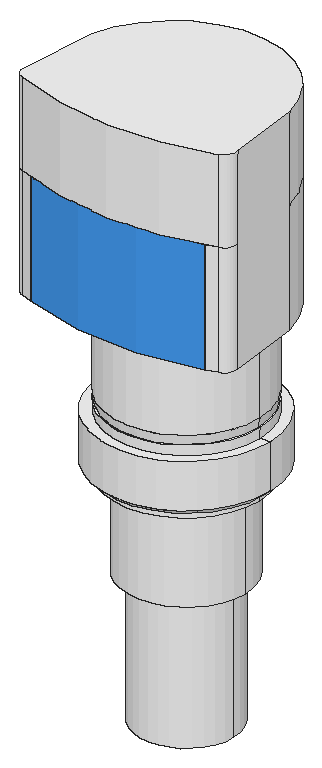
Revit family "HL_Вентиляционный клапан_HL903", category Příslušenství trubek, Revit 2016
Family settings
  Typ součásti = Ventil – zalomení do
  Kóta kulaté spojky = Použít průměr
  Číslo OmniClass = 23.70.50.21
  Nadpis OmniClass = Liquid Waste Collection and Removal
  Založené na pracovní rovině = Ne
  Vždy vertikální = Ano
  Ořezat dutým tvarem při načtení = Ne
  Sdílené = Ne
Parameters (values of type "HL_Вентиляционный клапан_HL903")
  РАЗМЕР = "DN32/40/50"
  ПРОПУСКНАЯ СПОСОБНОСТЬ = 0.0 m³/h
  ПРОИЗВОДИТЕЛЬНОСТЬ = "8 l/s"
  ПРАВОВАЯ ИНФОРМАЦИЯ = "\"Авторские права(©), права на дизайн или какие либо другие права интелектуальной собственности являются исключительной собственностью компании HL Hutterer & Lechner. Изменению не подлежит. Файл семейства с данными о прозводителе изделия защищен паролем с водяным знаком.\""
  НОМИНАЛЬНЫЙ ДИАМЕТР [instance] = 32 mm
  МАТЕРИАЛ = "ABS/ PP"
  ВЕС = "0,139 kg"
  x [instance] = if(НОМИНАЛЬНЫЙ ДИАМЕТР = 32 mm, 16 mm, if(НОМИНАЛЬНЫЙ ДИАМЕТР = 40 mm, 16 mm, if(НОМИНАЛЬНЫЙ ДИАМЕТР = 50 mm, 16 mm, -10 mm)))  # 16 mm
  b [instance] = not(DN50)  # yes
  a [instance] = if(DN32, 195 mm, if(DN40, 150 mm, if(DN50, 98 mm, 98 mm)))  # 195 mm
  Výrobce = "HL Hutterer & Lechner GmbH"
  URL = "http://www.hutterer-lechner.com/ru/products/catalog/roof-drains/HL903.aspx"
  Popis = "Вентиляционный клапан"
  Model = "HL903"
  материал 2 = Plastic - Blue
  материал = Plactic - White
  Komentáře k typům = "Воздушный клапан DN50"
  Keynote = "HL903"
  EAN = "9003076029013"
  DN50 [instance] = НОМИНАЛЬНЫЙ ДИАМЕТР = 50 mm  # no
  DN40 [instance] = НОМИНАЛЬНЫЙ ДИАМЕТР = 40 mm  # no
  DN32 [instance] = НОМИНАЛЬНЫЙ ДИАМЕТР = 32 mm  # yes
  Cena = 0
Reference planes
  plane 1 "Střed (vpředu/vzadu)": y = 0
  plane 2: z = 0
  plane 3 "Střed (vlevo/vpravo)": x = 0
  plane 4: z = 118
  plane 5: z = -77
Forms (mm)
  Extrusion 1, solid, material "Plactic - White" <- "материал", detail levels fine
    sketch origin (0, 0, 0) x (1, 0, 0) y (0, 1, 0)
      loop
        line (36.157, -23.239) -> (33.531, 1.741)
        arc (33.531, 1.741) -> (0, 28.655) -> (-33.531, 1.741) r 34.345
        line (-33.531, 1.741) -> (-36.157, -23.239)
        arc (-36.157, -23.239) -> (-35.481, -26.058) -> (-33.183, -27.826) r 4.348
        arc (-33.183, -27.826) -> (0.032, -33.746) -> (33.243, -27.806) r 95.983
        arc (33.243, -27.806) -> (35.498, -26.032) -> (36.157, -23.239) r 4.348
    from 89.85 to 118
  Extrusion 2, solid, material "Plactic - White" <- "материал", detail levels fine
    sketch origin (0, 0, 0) x (1, 0, 0) y (0, 1, 0)
      loop
        line (36.157, -23.239) -> (33.531, 1.741)
        arc (33.531, 1.741) -> (0, 28.655) -> (-33.531, 1.741) r 34.345
        line (-33.531, 1.741) -> (-36.157, -23.239)
        arc (-36.157, -23.239) -> (-35.481, -26.058) -> (-33.183, -27.826) r 4.348
        arc (-33.183, -27.826) -> (-31.348, -28.481) -> (-29.5, -29.099) r 95.983
        line (-29.5, -29.099) -> (-29.5, -23.165)
        arc (-29.5, -23.165) -> (0, -27.805) -> (29.5, -23.165) r 96.096
        line (29.5, -23.165) -> (29.5, -29.101)
        arc (29.5, -29.101) -> (31.378, -28.473) -> (33.243, -27.806) r 95.983
        arc (33.243, -27.806) -> (35.498, -26.032) -> (36.157, -23.239) r 4.348
    from 52 to 89.85
  Extrusion 3, solid, material "Plastic - Blue" <- "материал 2", detail levels fine
    sketch origin (0, 0, 0) x (1, 0, 0) y (0, 1, 0)
      loop
        line (-29.5, -23.165) -> (-29.5, -29.099)
        arc (-29.5, -29.099) -> (0, -33.746) -> (29.5, -29.101) r 95.983
        line (29.5, -29.101) -> (29.5, -23.165)
        arc (29.5, -23.165) -> (0, -27.805) -> (-29.5, -23.165) r 96.096
    from 52 to 89.85
  Revolve 4, solid, material "Plactic - White" <- "материал", detail levels fine
    sketch origin (0, 0, 0) x (1, 0, 0) y (0, 0, 1)
      loop
        line (0, 52) -> (0, 20) -> (24.47, 20) -> (25, 23.006) -> (25, 52) -> (0, 52)
      axis (0, 52) -> (0, 20)
    angle from 0 to 360
  Revolve 5, solid, material "Plactic - White" <- "материал", visible <- "b", detail levels fine
    sketch origin (0, 0, 0) x (1, 0, 0) y (0, 0, 1)
      loop
        line (28.5, 17) -> (0, 17) -> (0, 0) -> (26.199, 0) -> (28.5, 2) -> (28.5, 17)
      axis (0, 17) -> (0, 0)
    angle from 0 to 360
  Revolve 6, solid, material "Plactic - White" <- "материал", visible <- "b", detail levels fine
    sketch origin (0, 0, 105.611) x (1, 0, 0) y (0, 0, 1)
      loop
        line (0, -105.611) -> (0, -137.611) -> (20, -137.611) -> (20, -107.611) -> (25, -107.611) -> (25, -85.611) -> (23, -85.611) -> (23, -105.611) -> (0, -105.611)
      axis (0, -85.611) -> (0, -137.611)
    angle from 0 to 360
  Revolve 7, solid, material "Plactic - White" <- "материал", visible <- "DN32", detail levels fine
    sketch origin (0, 0, 105.611) x (1, 0, 0) y (0, 0, 1)
      loop
        line (0, -182.611) -> (16, -182.611) -> (16, -137.611) -> (0, -137.611) -> (0, -182.611)
      axis (0, -182.611) -> (0, -137.611)
    angle from 0 to 360
Cuts and joins
  joined: Extrusion 1, Extrusion 2
Lines and regions (mm)
  reference lines
    curve 1: line (0, 0, 118) -> (0, 0, -77)
  model lines, visible <- "DN50", detail levels coarse+medium
    curve 2: line (0, 0, 20) -> (0, 0, 58)
  model lines, detail levels coarse+medium
    curve 3: line (60, 0, 58) -> (0, 0, 118)
    curve 4: line (-60, 0, 58) -> (0, 0, 118)
  model lines, visible <- "DN40", detail levels coarse+medium
    curve 5: line (0, 0, 58) -> (0, 0, -32)
  model lines, visible <- "DN32", detail levels coarse+medium
    curve 6: line (0, 0, 58) -> (0, 0, -77)
  symbolic lines, detail levels coarse+medium
    curve 7: line (-50, 0, 0) -> (0, -50, 0)
    curve 8: line (50, 0, 0) -> (0, -50, 0)
Dimensions and locks
  locked: plane 4 to plane 2 at 118
  "a": plane 4 to plane 5
  locked: plane 2 to Revolve 6 sketch curve at 32
  locked: Revolve 7 sketch curve to Revolve 7 sketch curve at 45
  locked: plane 2 to Revolve 7 sketch curve at 77
  "x": plane 3 "Střed (vlevo/vpravo)" to Revolve 7 sketch curve
  aligned and locked: level to plane 2
  aligned and locked: plane 4 to curve 1
  aligned and locked: plane 5 to curve 1
Automatic sketch dimensions
  Extrusion 1 sketch curve to plane 3 "Střed (vlevo/vpravo)" = 0 mm
  Extrusion 1 sketch curve to plane 3 "Střed (vlevo/vpravo)" = 31.833 mm
  Extrusion 1 sketch curve to plane 1 "Střed (vpředu/vzadu)" = 1.741 mm  (x2)
  Extrusion 1 sketch curve to Extrusion 1 sketch curve = 1.698 mm
  plane 1 "Střed (vpředu/vzadu)" to Extrusion 1 sketch curve = 23.239 mm  (x2)
  Extrusion 1 sketch curve to Extrusion 1 sketch curve = 4.324 mm  (x2)
  plane 3 "Střed (vlevo/vpravo)" to Extrusion 1 sketch curve = 0.003 mm
  plane 3 "Střed (vlevo/vpravo)" to Extrusion 1 sketch curve = 31.833 mm
  Extrusion 1 sketch curve to Extrusion 1 sketch curve = 0.454 mm  (x2)
  plane 1 "Střed (vpředu/vzadu)" to Extrusion 1 sketch curve = 5.69 mm
  Extrusion 1 sketch curve to plane 1 "Střed (vpředu/vzadu)" = 62.238 mm
  Extrusion 1 sketch curve to Extrusion 1 sketch curve = 1.35 mm
  Extrusion 2 sketch curve to Extrusion 2 sketch curve = 0 mm  (x2)
  Extrusion 2 sketch curve to plane 3 "Střed (vlevo/vpravo)" = 0 mm  (x2)
  Extrusion 2 sketch curve to plane 3 "Střed (vlevo/vpravo)" = 29.5 mm
  Extrusion 2 sketch curve to Extrusion 2 sketch curve = 2.333 mm  (x2)
  Extrusion 2 sketch curve to plane 1 "Střed (vpředu/vzadu)" = 1.741 mm  (x2)
  Extrusion 2 sketch curve to Extrusion 2 sketch curve = 4.031 mm
  plane 1 "Střed (vpředu/vzadu)" to Extrusion 2 sketch curve = 23.239 mm  (x2)
  Extrusion 2 sketch curve to Extrusion 2 sketch curve = 4.324 mm  (x2)
  plane 3 "Střed (vlevo/vpravo)" to Extrusion 2 sketch curve = 0.003 mm
  plane 3 "Střed (vlevo/vpravo)" to Extrusion 2 sketch curve = 29.5 mm
  Extrusion 2 sketch curve to Extrusion 2 sketch curve = 0.454 mm  (x2)
  Extrusion 2 sketch curve to Extrusion 2 sketch curve = 5.406 mm
  Extrusion 2 sketch curve to Extrusion 2 sketch curve = 5.407 mm
  Extrusion 2 sketch curve to Extrusion 2 sketch curve = 0.528 mm
  plane 1 "Střed (vpředu/vzadu)" to Extrusion 2 sketch curve = 5.69 mm
  Extrusion 2 sketch curve to plane 1 "Střed (vpředu/vzadu)" = 62.238 mm
  Extrusion 2 sketch curve to Extrusion 2 sketch curve = 6.053 mm
  Extrusion 3 sketch curve to plane 3 "Střed (vlevo/vpravo)" = 0 mm
  Extrusion 3 sketch curve to plane 3 "Střed (vlevo/vpravo)" = 29.5 mm
  plane 3 "Střed (vlevo/vpravo)" to Extrusion 3 sketch curve = 0.003 mm
  plane 3 "Střed (vlevo/vpravo)" to Extrusion 3 sketch curve = 29.5 mm
  plane 1 "Střed (vpředu/vzadu)" to Extrusion 3 sketch curve = 29.101 mm
  Extrusion 3 sketch curve to Extrusion 3 sketch curve = 5.935 mm
  Extrusion 3 sketch curve to plane 1 "Střed (vpředu/vzadu)" = 62.238 mm
  Extrusion 3 sketch curve to Extrusion 3 sketch curve = 6.053 mm
  Revolve 4 sketch curve to plane 3 "Střed (vlevo/vpravo)" = 0 mm  (x2)
  plane 3 "Střed (vlevo/vpravo)" to Revolve 4 sketch curve = 24.47 mm
  plane 3 "Střed (vlevo/vpravo)" to Revolve 4 sketch curve = 25 mm
  level to Revolve 4 sketch curve = 20 mm
  Revolve 4 sketch curve to Revolve 4 sketch curve = 3.006 mm
  Revolve 4 sketch curve to Revolve 4 sketch curve = 28.994 mm
  plane 5 to Revolve 4 sketch curve = 7 mm
  Revolve 4 sketch curve to Revolve 4 sketch curve = 0 mm
  Revolve 5 sketch curve to plane 3 "Střed (vlevo/vpravo)" = 0 mm  (x2)
  Revolve 5 sketch curve to level = 0 mm  (x2)
  plane 3 "Střed (vlevo/vpravo)" to Revolve 5 sketch curve = 26.199 mm
  Revolve 5 sketch curve to Revolve 5 sketch curve = 2.301 mm
  level to Revolve 5 sketch curve = 2 mm
  Revolve 5 sketch curve to Revolve 5 sketch curve = 15 mm
  plane 5 to Revolve 5 sketch curve = 12 mm
  Revolve 6 sketch curve to level = 0 mm
  Revolve 6 sketch curve to plane 3 "Střed (vlevo/vpravo)" = 0 mm  (x2)
  Revolve 6 sketch curve to Revolve 6 sketch curve = 20 mm  (x2)
  Revolve 6 sketch curve to Revolve 6 sketch curve = 3 mm
  Revolve 6 sketch curve to Revolve 6 sketch curve = 2 mm
  Revolve 6 sketch curve to level = 2 mm
  Revolve 6 sketch curve to Revolve 6 sketch curve = 35 mm
  Revolve 6 sketch curve to Revolve 6 sketch curve = 0 mm
  plane 3 "Střed (vlevo/vpravo)" to curve 1 = 0 mm
  curve 6 to plane 3 "Střed (vlevo/vpravo)" = 0 mm
  curve 3 to plane 3 "Střed (vlevo/vpravo)" = 0 mm
  curve 2 to plane 3 "Střed (vlevo/vpravo)" = 0 mm
  curve 6 to plane 5 = 0 mm
  curve 4 to plane 4 = 0 mm
  level to curve 5 = 58 mm
  curve 4 to curve 2 = 60 mm
  curve 6 to curve 3 = 60 mm
  curve 5 to level = 32 mm
  level to curve 2 = 20 mm
  level to curve 4 = 58 mm
  curve 6 to curve 2 = 0 mm
  plane 1 "Střed (vpředu/vzadu)" to curve 7 = 0 mm
  curve 8 to plane 3 "Střed (vlevo/vpravo)" = 0 mm
  plane 1 "Střed (vpředu/vzadu)" to curve 8 = 0 mm
  curve 7 to plane 3 "Střed (vlevo/vpravo)" = 50 mm
  plane 1 "Střed (vpředu/vzadu)" to curve 8 = 50 mm
  Revolve 7 sketch curve to plane 3 "Střed (vlevo/vpravo)" = 0 mm  (x2)
  Revolve 7 sketch curve to Revolve 7 sketch curve = 0 mm
  level to Revolve 7 sketch curve = 5 mm
Connectors
  piping at (0, 0, -77), diameter 32, driven by "ПРОПУСКНАЯ СПОСОБНОСТЬ", driven by "НОМИНАЛЬНЫЙ ДИАМЕТР"
    settings: on curve 1, index 1, connector inside diameter 609.6 mm, connector length 0 mm, flow factor 0, pipe flow 0.0 m³/h, pressure drop 0.0 Pa, fitting loss kfactor 0, connector angle 0.00°, fixture units 0, engagement length 0 mm, angle of deflection 0.00°, flow configuration 0, flow direction 1, fitting loss method 0, system type 16, joint type 0, gender type 0, connector reference index -1, connector utility 0, adjustable connector no, is connector primary yes, connector description ""
